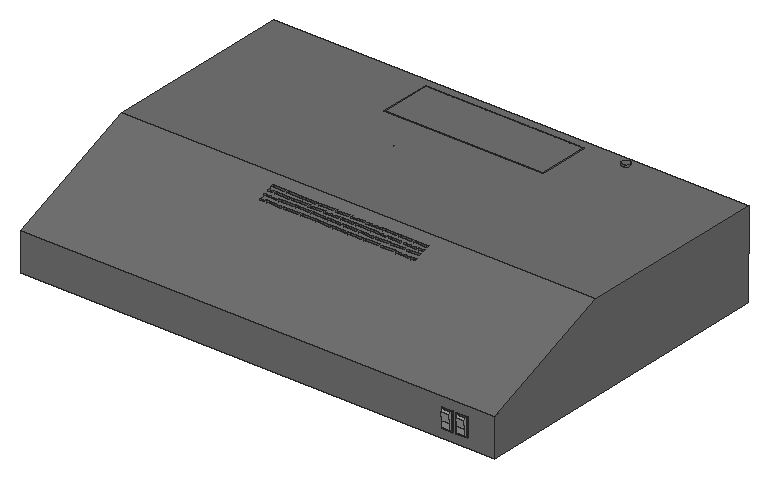
Revit family "Qf_Summit_HC30BB_Under Cabinet Convertible Range Hood", category Specialty Equipment, Revit 2020 (continued)
Lines and regions (in)
  symbolic lines
    curve 97: spline (14.61424, -13.05744, 0) -> (14.59529, -13.05512, 0) -> (14.57764, -13.04831, 0) -> (14.56248, -13.03747, 0) -> (14.55085, -13.02335, 0) -> (14.54353, -13.00691, 0) -> (14.54104, -12.98926, 0) -> (14.54353, -12.97162, 0) -> (14.55085, -12.95517, 0) -> (14.56248, -12.94105, 0) -> (14.57764, -12.93022, 0) -> (14.59529, -12.9234, 0) -> (14.61424, -12.92108, 0)
    curve 98: line (15.02088, -12.63566, 0) -> (15.77358, -12.63566, 0)
    curve 99: spline (15.77358, -12.63566, 0) -> (15.79253, -12.63798, 0) -> (15.81018, -12.6448, 0) -> (15.82534, -12.65563, 0) -> (15.83698, -12.66975, 0) -> (15.84429, -12.6862, 0) -> (15.84678, -12.70384, 0) -> (15.84429, -12.72149, 0) -> (15.83698, -12.73793, 0) -> (15.82534, -12.75205, 0) -> (15.81018, -12.76289, 0) -> (15.79253, -12.7697, 0) -> (15.77358, -12.77202, 0)
    curve 100: line (15.77358, -12.77202, 0) -> (15.02088, -12.77202, 0)
    curve 101: spline (15.02088, -12.77202, 0) -> (15.00193, -12.7697, 0) -> (14.98428, -12.76289, 0) -> (14.96912, -12.75205, 0) -> (14.95748, -12.73793, 0) -> (14.95017, -12.72149, 0) -> (14.94768, -12.70384, 0) -> (14.95017, -12.6862, 0) -> (14.95748, -12.66975, 0) -> (14.96912, -12.65563, 0) -> (14.98428, -12.6448, 0) -> (15.00193, -12.63798, 0) -> (15.02088, -12.63566, 0)
    curve 102: line (15.57204, -12.92108, 0) -> (16.34037, -12.92108, 0)
    curve 103: spline (16.34037, -12.92108, 0) -> (16.35931, -12.9234, 0) -> (16.37697, -12.93022, 0) -> (16.39213, -12.94105, 0) -> (16.40376, -12.95517, 0) -> (16.41107, -12.97162, 0) -> (16.41357, -12.98926, 0) -> (16.41107, -13.00691, 0) -> (16.40376, -13.02335, 0) -> (16.39213, -13.03747, 0) -> (16.37697, -13.04831, 0) -> (16.35931, -13.05512, 0) -> (16.34037, -13.05744, 0)
    curve 104: line (16.34037, -13.05744, 0) -> (15.57204, -13.05744, 0)
    curve 105: spline (15.57204, -13.05744, 0) -> (15.55309, -13.05512, 0) -> (15.53544, -13.04831, 0) -> (15.52028, -13.03747, 0) -> (15.50864, -13.02335, 0) -> (15.50133, -13.00691, 0) -> (15.49884, -12.98926, 0) -> (15.50133, -12.97162, 0) -> (15.50864, -12.95517, 0) -> (15.52028, -12.94105, 0) -> (15.53544, -12.93022, 0) -> (15.55309, -12.9234, 0) -> (15.57204, -12.92108, 0)
    curve 106: line (15.57204, -13.52702, 0) -> (16.34037, -13.52702, 0)
    curve 107: spline (16.34037, -13.52702, 0) -> (16.35931, -13.52934, 0) -> (16.37697, -13.53615, 0) -> (16.39213, -13.54699, 0) -> (16.40376, -13.56111, 0) -> (16.41107, -13.57755, 0) -> (16.41357, -13.5952, 0) -> (16.41107, -13.61285, 0) -> (16.40376, -13.62929, 0) -> (16.39213, -13.64341, 0) -> (16.37697, -13.65425, 0) -> (16.35931, -13.66106, 0) -> (16.34037, -13.66338, 0)
    curve 108: line (16.34037, -13.66338, 0) -> (15.57204, -13.66338, 0)
    curve 109: spline (15.57204, -13.66338, 0) -> (15.55309, -13.66106, 0) -> (15.53544, -13.65425, 0) -> (15.52028, -13.64341, 0) -> (15.50864, -13.62929, 0) -> (15.50133, -13.61285, 0) -> (15.49884, -13.5952, 0) -> (15.50133, -13.57755, 0) -> (15.50864, -13.56111, 0) -> (15.52028, -13.54699, 0) -> (15.53544, -13.53615, 0) -> (15.55309, -13.52934, 0) -> (15.57204, -13.52702, 0)
    curve 110: line (16.85638, -13.35254, 0) -> (15.9943, -13.35254, 0)
    curve 111: spline (15.9943, -13.35254, 0) -> (15.97535, -13.35021, 0) -> (15.9577, -13.3434, 0) -> (15.94254, -13.33257, 0) -> (15.93091, -13.31845, 0) -> (15.92359, -13.302, 0) -> (15.9211, -13.28436, 0) -> (15.92359, -13.26671, 0) -> (15.93091, -13.25027, 0) -> (15.94254, -13.23614, 0) -> (15.9577, -13.22531, 0) -> (15.97535, -13.2185, 0) -> (15.9943, -13.21617, 0)
    curve 112: line (15.9943, -13.21617, 0) -> (16.85638, -13.21617, 0)
    curve 113: spline (16.85638, -13.21617, 0) -> (16.87532, -13.2185, 0) -> (16.89298, -13.22531, 0) -> (16.90814, -13.23614, 0) -> (16.91977, -13.25027, 0) -> (16.92708, -13.26671, 0) -> (16.92958, -13.28436, 0) -> (16.92708, -13.302, 0) -> (16.91977, -13.31845, 0) -> (16.90814, -13.33257, 0) -> (16.89298, -13.3434, 0) -> (16.87532, -13.35021, 0) -> (16.85638, -13.35254, 0)
    curve 114: line (15.9943, -12.63566, 0) -> (16.85638, -12.63566, 0)
    curve 115: spline (16.85638, -12.63566, 0) -> (16.87532, -12.63798, 0) -> (16.89298, -12.6448, 0) -> (16.90814, -12.65563, 0) -> (16.91977, -12.66975, 0) -> (16.92708, -12.6862, 0) -> (16.92958, -12.70384, 0) -> (16.92708, -12.72149, 0) -> (16.91977, -12.73793, 0) -> (16.90814, -12.75205, 0) -> (16.89298, -12.76289, 0) -> (16.87532, -12.7697, 0) -> (16.85638, -12.77202, 0)
    curve 116: line (16.85638, -12.77202, 0) -> (15.9943, -12.77202, 0)
    curve 117: spline (15.9943, -12.77202, 0) -> (15.97535, -12.7697, 0) -> (15.9577, -12.76289, 0) -> (15.94254, -12.75205, 0) -> (15.93091, -12.73793, 0) -> (15.92359, -12.72149, 0) -> (15.9211, -12.70384, 0) -> (15.92359, -12.6862, 0) -> (15.93091, -12.66975, 0) -> (15.94254, -12.65563, 0) -> (15.9577, -12.6448, 0) -> (15.97535, -12.63798, 0) -> (15.9943, -12.63566, 0)
    curve 118: line (16.53611, -12.92108, 0) -> (17.3982, -12.92108, 0)
    curve 119: spline (17.3982, -12.92108, 0) -> (17.41714, -12.9234, 0) -> (17.4348, -12.93022, 0) -> (17.44996, -12.94105, 0) -> (17.46159, -12.95517, 0) -> (17.4689, -12.97162, 0) -> (17.4714, -12.98926, 0) -> (17.4689, -13.00691, 0) -> (17.46159, -13.02335, 0) -> (17.44996, -13.03747, 0) -> (17.4348, -13.04831, 0) -> (17.41714, -13.05512, 0) -> (17.3982, -13.05744, 0)
    curve 120: line (17.3982, -13.05744, 0) -> (16.53611, -13.05744, 0)
    curve 121: spline (16.53611, -13.05744, 0) -> (16.51717, -13.05512, 0) -> (16.49951, -13.04831, 0) -> (16.48435, -13.03747, 0) -> (16.47272, -13.02335, 0) -> (16.46541, -13.00691, 0) -> (16.46292, -12.98926, 0) -> (16.46541, -12.97162, 0) -> (16.47272, -12.95517, 0) -> (16.48435, -12.94105, 0) -> (16.49951, -12.93022, 0) -> (16.51717, -12.9234, 0) -> (16.53611, -12.92108, 0)
    curve 122: line (16.53611, -13.52702, 0) -> (17.3982, -13.52702, 0)
    curve 123: spline (17.3982, -13.52702, 0) -> (17.41714, -13.52934, 0) -> (17.4348, -13.53615, 0) -> (17.44996, -13.54699, 0) -> (17.46159, -13.56111, 0) -> (17.4689, -13.57755, 0) -> (17.4714, -13.5952, 0) -> (17.4689, -13.61285, 0) -> (17.46159, -13.62929, 0) -> (17.44996, -13.64341, 0) -> (17.4348, -13.65425, 0) -> (17.41714, -13.66106, 0) -> (17.3982, -13.66338, 0)
    curve 124: line (17.3982, -13.66338, 0) -> (16.53611, -13.66338, 0)
    curve 125: spline (16.53611, -13.66338, 0) -> (16.51717, -13.66106, 0) -> (16.49951, -13.65425, 0) -> (16.48435, -13.64341, 0) -> (16.47272, -13.62929, 0) -> (16.46541, -13.61285, 0) -> (16.46292, -13.5952, 0) -> (16.46541, -13.57755, 0) -> (16.47272, -13.56111, 0) -> (16.48435, -13.54699, 0) -> (16.49951, -13.53615, 0) -> (16.51717, -13.52934, 0) -> (16.53611, -13.52702, 0)
    curve 126: line (17.05213, -13.21617, 0) -> (17.80483, -13.21617, 0)
    curve 127: spline (17.80483, -13.21617, 0) -> (17.82378, -13.2185, 0) -> (17.84143, -13.22531, 0) -> (17.85659, -13.23614, 0) -> (17.86823, -13.25027, 0) -> (17.87554, -13.26671, 0) -> (17.87803, -13.28436, 0) -> (17.87554, -13.302, 0) -> (17.86823, -13.31845, 0) -> (17.85659, -13.33257, 0) -> (17.84143, -13.3434, 0) -> (17.82378, -13.35021, 0) -> (17.80483, -13.35254, 0)
    curve 128: line (17.80483, -13.35254, 0) -> (17.05213, -13.35254, 0)
    curve 129: spline (17.05213, -13.35254, 0) -> (17.03318, -13.35021, 0) -> (17.01553, -13.3434, 0) -> (17.00037, -13.33257, 0) -> (16.98873, -13.31845, 0) -> (16.98142, -13.302, 0) -> (16.97893, -13.28436, 0) -> (16.98142, -13.26671, 0) -> (16.98873, -13.25027, 0) -> (17.00037, -13.23614, 0) -> (17.01553, -13.22531, 0) -> (17.03318, -13.2185, 0) -> (17.05213, -13.21617, 0)
    curve 130: line (17.80483, -12.77202, 0) -> (17.05213, -12.77202, 0)
    curve 131: spline (17.05213, -12.77202, 0) -> (17.03318, -12.7697, 0) -> (17.01553, -12.76289, 0) -> (17.00037, -12.75205, 0) -> (16.98873, -12.73793, 0) -> (16.98142, -12.72149, 0) -> (16.97893, -12.70384, 0) -> (16.98142, -12.6862, 0) -> (16.98873, -12.66975, 0) -> (17.00037, -12.65563, 0) -> (17.01553, -12.6448, 0) -> (17.03318, -12.63798, 0) -> (17.05213, -12.63566, 0)
    curve 132: line (17.05213, -12.63566, 0) -> (17.80483, -12.63566, 0)
    curve 133: spline (17.80483, -12.63566, 0) -> (17.82378, -12.63798, 0) -> (17.84143, -12.6448, 0) -> (17.85659, -12.65563, 0) -> (17.86823, -12.66975, 0) -> (17.87554, -12.6862, 0) -> (17.87803, -12.70384, 0) -> (17.87554, -12.72149, 0) -> (17.86823, -12.73793, 0) -> (17.85659, -12.75205, 0) -> (17.84143, -12.76289, 0) -> (17.82378, -12.7697, 0) -> (17.80483, -12.77202, 0)
    curve 134: line (18.36695, -13.66338, 0) -> (17.5976, -13.66338, 0)
    curve 135: spline (17.5976, -13.66338, 0) -> (17.57865, -13.66106, 0) -> (17.561, -13.65425, 0) -> (17.54584, -13.64341, 0) -> (17.5342, -13.62929, 0) -> (17.52689, -13.61285, 0) -> (17.5244, -13.5952, 0) -> (17.52689, -13.57755, 0) -> (17.5342, -13.56111, 0) -> (17.54584, -13.54699, 0) -> (17.561, -13.53615, 0) -> (17.57865, -13.52934, 0) -> (17.5976, -13.52702, 0)
    curve 136: line (17.5976, -13.52702, 0) -> (18.36695, -13.52702, 0)
    curve 137: spline (18.36695, -13.52702, 0) -> (18.38589, -13.52934, 0) -> (18.40355, -13.53615, 0) -> (18.41871, -13.54699, 0) -> (18.43034, -13.56111, 0) -> (18.43765, -13.57755, 0) -> (18.44015, -13.5952, 0) -> (18.43765, -13.61285, 0) -> (18.43034, -13.62929, 0) -> (18.41871, -13.64341, 0) -> (18.40355, -13.65425, 0) -> (18.38589, -13.66106, 0) -> (18.36695, -13.66338, 0)
    curve 138: line (18.36695, -13.05744, 0) -> (17.62415, -13.05744, 0)
    curve 139: spline (17.62415, -13.05744, 0) -> (17.6052, -13.05512, 0) -> (17.58755, -13.04831, 0) -> (17.57239, -13.03747, 0) -> (17.56076, -13.02335, 0) -> (17.55344, -13.00691, 0) -> (17.55095, -12.98926, 0) -> (17.55344, -12.97162, 0) -> (17.56076, -12.95517, 0) -> (17.57239, -12.94105, 0) -> (17.58755, -12.93022, 0) -> (17.6052, -12.9234, 0) -> (17.62415, -12.92108, 0)
    curve 140: line (17.62415, -12.92108, 0) -> (18.36695, -12.92108, 0)
    curve 141: spline (18.36695, -12.92108, 0) -> (18.38589, -12.9234, 0) -> (18.40355, -12.93022, 0) -> (18.41871, -12.94105, 0) -> (18.43034, -12.95517, 0) -> (18.43765, -12.97162, 0) -> (18.44015, -12.98926, 0) -> (18.43765, -13.00691, 0) -> (18.43034, -13.02335, 0) -> (18.41871, -13.03747, 0) -> (18.40355, -13.04831, 0) -> (18.38589, -13.05512, 0) -> (18.36695, -13.05744, 0)
    curve 142: line (18.77358, -12.77202, 0) -> (18.02088, -12.77202, 0)
    curve 143: spline (18.02088, -12.77202, 0) -> (18.00193, -12.7697, 0) -> (17.98428, -12.76289, 0) -> (17.96912, -12.75205, 0) -> (17.95748, -12.73793, 0) -> (17.95017, -12.72149, 0) -> (17.94768, -12.70384, 0) -> (17.95017, -12.6862, 0) -> (17.95748, -12.66975, 0) -> (17.96912, -12.65563, 0) -> (17.98428, -12.6448, 0) -> (18.00193, -12.63798, 0) -> (18.02088, -12.63566, 0)
    curve 144: line (18.02088, -12.63566, 0) -> (18.77358, -12.63566, 0)
    curve 145: spline (18.77358, -12.63566, 0) -> (18.79253, -12.63798, 0) -> (18.81018, -12.6448, 0) -> (18.82534, -12.65563, 0) -> (18.83698, -12.66975, 0) -> (18.84429, -12.6862, 0) -> (18.84678, -12.70384, 0) -> (18.84429, -12.72149, 0) -> (18.83698, -12.73793, 0) -> (18.82534, -12.75205, 0) -> (18.81018, -12.76289, 0) -> (18.79253, -12.7697, 0) -> (18.77358, -12.77202, 0)
    curve 146: line (18.02088, -13.21617, 0) -> (18.77358, -13.21617, 0)
    curve 147: spline (18.77358, -13.21617, 0) -> (18.79253, -13.2185, 0) -> (18.81018, -13.22531, 0) -> (18.82534, -13.23614, 0) -> (18.83698, -13.25027, 0) -> (18.84429, -13.26671, 0) -> (18.84678, -13.28436, 0) -> (18.84429, -13.302, 0) -> (18.83698, -13.31845, 0) -> (18.82534, -13.33257, 0) -> (18.81018, -13.3434, 0) -> (18.79253, -13.35021, 0) -> (18.77358, -13.35254, 0)
    curve 148: line (18.77358, -13.35254, 0) -> (18.02088, -13.35254, 0)
    curve 149: spline (18.02088, -13.35254, 0) -> (18.00193, -13.35021, 0) -> (17.98428, -13.3434, 0) -> (17.96912, -13.33257, 0) -> (17.95748, -13.31845, 0) -> (17.95017, -13.302, 0) -> (17.94768, -13.28436, 0) -> (17.95017, -13.26671, 0) -> (17.95748, -13.25027, 0) -> (17.96912, -13.23614, 0) -> (17.98428, -13.22531, 0) -> (18.00193, -13.2185, 0) -> (18.02088, -13.21617, 0)
    curve 150: line (19.34037, -13.66338, 0) -> (18.57204, -13.66338, 0)
    curve 151: spline (18.57204, -13.66338, 0) -> (18.55309, -13.66106, 0) -> (18.53544, -13.65425, 0) -> (18.52028, -13.64341, 0) -> (18.50864, -13.62929, 0) -> (18.50133, -13.61285, 0) -> (18.49884, -13.5952, 0) -> (18.50133, -13.57755, 0) -> (18.50864, -13.56111, 0) -> (18.52028, -13.54699, 0) -> (18.53544, -13.53615, 0) -> (18.55309, -13.52934, 0) -> (18.57204, -13.52702, 0)
    curve 152: line (18.57204, -13.52702, 0) -> (19.34037, -13.52702, 0)
    curve 153: spline (19.34037, -13.52702, 0) -> (19.35931, -13.52934, 0) -> (19.37697, -13.53615, 0) -> (19.39213, -13.54699, 0) -> (19.40376, -13.56111, 0) -> (19.41107, -13.57755, 0) -> (19.41357, -13.5952, 0) -> (19.41107, -13.61285, 0) -> (19.40376, -13.62929, 0) -> (19.39213, -13.64341, 0) -> (19.37697, -13.65425, 0) -> (19.35931, -13.66106, 0) -> (19.34037, -13.66338, 0)
    curve 154: line (19.34037, -13.05744, 0) -> (18.57204, -13.05744, 0)
    curve 155: spline (18.57204, -13.05744, 0) -> (18.55309, -13.05512, 0) -> (18.53544, -13.04831, 0) -> (18.52028, -13.03747, 0) -> (18.50864, -13.02335, 0) -> (18.50133, -13.00691, 0) -> (18.49884, -12.98926, 0) -> (18.50133, -12.97162, 0) -> (18.50864, -12.95517, 0) -> (18.52028, -12.94105, 0) -> (18.53544, -12.93022, 0) -> (18.55309, -12.9234, 0) -> (18.57204, -12.92108, 0)
    curve 156: line (18.57204, -12.92108, 0) -> (19.34037, -12.92108, 0)
    curve 157: spline (19.34037, -12.92108, 0) -> (19.35931, -12.9234, 0) -> (19.37697, -12.93022, 0) -> (19.39213, -12.94105, 0) -> (19.40376, -12.95517, 0) -> (19.41107, -12.97162, 0) -> (19.41357, -12.98926, 0) -> (19.41107, -13.00691, 0) -> (19.40376, -13.02335, 0) -> (19.39213, -13.03747, 0) -> (19.37697, -13.04831, 0) -> (19.35931, -13.05512, 0) -> (19.34037, -13.05744, 0)
    curve 158: line (19.74233, -12.77202, 0) -> (18.98963, -12.77202, 0)
    curve 159: spline (18.98963, -12.77202, 0) -> (18.97068, -12.7697, 0) -> (18.95303, -12.76289, 0) -> (18.93787, -12.75205, 0) -> (18.92623, -12.73793, 0) -> (18.91892, -12.72149, 0) -> (18.91643, -12.70384, 0) -> (18.91892, -12.6862, 0) -> (18.92623, -12.66975, 0) -> (18.93787, -12.65563, 0) -> (18.95303, -12.6448, 0) -> (18.97068, -12.63798, 0) -> (18.98963, -12.63566, 0)
    curve 160: line (18.98963, -12.63566, 0) -> (19.74233, -12.63566, 0)
    curve 161: spline (19.74233, -12.63566, 0) -> (19.76128, -12.63798, 0) -> (19.77893, -12.6448, 0) -> (19.79409, -12.65563, 0) -> (19.80573, -12.66975, 0) -> (19.81304, -12.6862, 0) -> (19.81553, -12.70384, 0) -> (19.81304, -12.72149, 0) -> (19.80573, -12.73793, 0) -> (19.79409, -12.75205, 0) -> (19.77893, -12.76289, 0) -> (19.76128, -12.7697, 0) -> (19.74233, -12.77202, 0)
    curve 162: line (18.98963, -13.21617, 0) -> (19.74233, -13.21617, 0)
    curve 163: spline (19.74233, -13.21617, 0) -> (19.76128, -13.2185, 0) -> (19.77893, -13.22531, 0) -> (19.79409, -13.23614, 0) -> (19.80573, -13.25027, 0) -> (19.81304, -13.26671, 0) -> (19.81553, -13.28436, 0) -> (19.81304, -13.302, 0) -> (19.80573, -13.31845, 0) -> (19.79409, -13.33257, 0) -> (19.77893, -13.3434, 0) -> (19.76128, -13.35021, 0) -> (19.74233, -13.35254, 0)
    curve 164: line (19.74233, -13.35254, 0) -> (18.98963, -13.35254, 0)
    curve 165: spline (18.98963, -13.35254, 0) -> (18.97068, -13.35021, 0) -> (18.95303, -13.3434, 0) -> (18.93787, -13.33257, 0) -> (18.92623, -13.31845, 0) -> (18.91892, -13.302, 0) -> (18.91643, -13.28436, 0) -> (18.91892, -13.26671, 0) -> (18.92623, -13.25027, 0) -> (18.93787, -13.23614, 0) -> (18.95303, -13.22531, 0) -> (18.97068, -13.2185, 0) -> (18.98963, -13.21617, 0)
    curve 166: line (19.54326, -13.52702, 0) -> (19.74909, -13.52702, 0)
    curve 167: spline (19.74909, -13.52702, 0) -> (19.76804, -13.52934, 0) -> (19.78569, -13.53615, 0) -> (19.80085, -13.54699, 0) -> (19.81248, -13.56111, 0) -> (19.8198, -13.57755, 0) -> (19.82229, -13.5952, 0) -> (19.8198, -13.61285, 0) -> (19.81248, -13.62929, 0) -> (19.80085, -13.64341, 0) -> (19.78569, -13.65425, 0) -> (19.76804, -13.66106, 0) -> (19.74909, -13.66338, 0)
    curve 168: line (19.74909, -13.66338, 0) -> (19.54326, -13.66338, 0)
    curve 169: spline (19.54326, -13.66338, 0) -> (19.52432, -13.66106, 0) -> (19.50666, -13.65425, 0) -> (19.4915, -13.64341, 0) -> (19.47987, -13.62929, 0) -> (19.47256, -13.61285, 0) -> (19.47006, -13.5952, 0) -> (19.47256, -13.57755, 0) -> (19.47987, -13.56111, 0) -> (19.4915, -13.54699, 0) -> (19.50666, -13.53615, 0) -> (19.52432, -13.52934, 0) -> (19.54326, -13.52702, 0)
    curve 170: line (19.74909, -13.05744, 0) -> (19.54326, -13.05744, 0)
    curve 171: spline (19.54326, -13.05744, 0) -> (19.52432, -13.05512, 0) -> (19.50666, -13.04831, 0) -> (19.4915, -13.03747, 0) -> (19.47987, -13.02335, 0) -> (19.47256, -13.00691, 0) -> (19.47006, -12.98926, 0) -> (19.47256, -12.97162, 0) -> (19.47987, -12.95517, 0) -> (19.4915, -12.94105, 0) -> (19.50666, -12.93022, 0) -> (19.52432, -12.9234, 0) -> (19.54326, -12.92108, 0)
    curve 172: line (19.54326, -12.92108, 0) -> (19.74909, -12.92108, 0)
    curve 173: spline (19.74909, -12.92108, 0) -> (19.76804, -12.9234, 0) -> (19.78569, -12.93022, 0) -> (19.80085, -12.94105, 0) -> (19.81248, -12.95517, 0) -> (19.8198, -12.97162, 0) -> (19.82229, -12.98926, 0) -> (19.8198, -13.00691, 0) -> (19.81248, -13.02335, 0) -> (19.80085, -13.03747, 0) -> (19.78569, -13.04831, 0) -> (19.76804, -13.05512, 0) -> (19.74909, -13.05744, 0)
Dimensions and locks (in)
  equal spacing: plane 3 "LEFT", plane 7 "Center Y", plane 4 "RIGHT"
  "Length": plane 3 "LEFT" to plane 4 "RIGHT"
  equal spacing: plane 5 "FRONT", plane 8 "Center X", plane 1 "BACK"
  "Depth": plane 5 "FRONT" to plane 1 "BACK"
  "Height": plane 6 "TOP" to level
  plane 9 to level = 2 3/8"
  plane 10 to plane 1 "BACK" = 12"
  plane 11 to plane 12 = 11 1/4"
  locked: plane 7 "Center Y" to plane 13 at 7.625
  plane 5 "FRONT" to plane 14 = 6"
  locked: plane 3 "LEFT" to plane 15 at 1.5
  locked: plane 16 to plane 4 "RIGHT" at 1.5
  plane 19 to plane 1 "BACK" = 1/2"
  plane 20 to plane 19 = 3 1/4"
  plane 22 to plane 23 = 10"
  Extrusion 7 sketch curve to Extrusion 7 sketch curve to plane 7 "Center Y" to Extrusion 7 sketch curve to Extrusion 7 sketch curve = 1/4" locked, 5 3/8" locked, 5 3/8" locked, 1/4" locked
  plane 11 to plane 22 to plane 7 "Center Y" to plane 23 to plane 12 = 5/8" locked, 5" locked, 5" locked, 5/8" locked
  plane 1 "BACK" to plane 10 = 12"
  Extrusion 12 sketch curve to Extrusion 12 sketch curve to Extrusion 12 sketch curve to Extrusion 12 sketch curve to plane 16 = 0.70845" locked, 0.22905" locked, 0.70845" locked, 0.1628" locked
  aligned and locked: level to plane 2
  aligned and locked: Extrusion 2 to plane 4 "RIGHT"
  aligned and locked: plane 15 to Extrusion 1
  aligned and locked: plane 16 to Extrusion 3
  aligned and locked: Extrusion 3 to plane 4 "RIGHT"
  aligned and locked: Extrusion 2 to Extrusion 4
  aligned and locked: Extrusion 6 to Extrusion 5
  aligned and locked: cut or joined group 1 (Extrusion 1, Extrusion 2, Extrusion 3, Extrusion 4, Extrusion 5, Extrusion 6, Extrusion 7, Extrusion 8, Extrusion 9) to Extrusion 10
  aligned and locked: Extrusion 11 to plane 6 "TOP"
  aligned and locked: Extrusion 10 sketch curve to plane 23
  aligned and locked: Extrusion 10 sketch curve to plane 22
  aligned and locked: plane 11 to Extrusion 8
  aligned and locked: plane 12 to Extrusion 8
  aligned and locked: plane 26 to plane 7 "Center Y"
Automatic sketch dimensions
  Extrusion 4 sketch curve to Extrusion 4 sketch curve = 0"  (x27)
  Extrusion 4 sketch curve to Extrusion 4 sketch curve = 0.0732"  (x42)
  Extrusion 4 sketch curve to Extrusion 4 sketch curve = 0.16003"  (x6)
  Extrusion 4 sketch curve to Extrusion 4 sketch curve = 0.17041"  (x5)
  Extrusion 4 sketch curve to Extrusion 4 sketch curve = 0.18732"  (x4)
  Extrusion 4 sketch curve to Extrusion 4 sketch curve = 0.00281"
  Extrusion 4 sketch curve to Extrusion 4 sketch curve = 0.00676"  (x2)
  Extrusion 4 sketch curve to Extrusion 4 sketch curve = 0.20583"  (x2)
  Extrusion 4 sketch curve to Extrusion 4 sketch curve = 0.20289"  (x2)
  Extrusion 4 sketch curve to Extrusion 4 sketch curve = 0.35074"  (x2)
  Extrusion 4 sketch curve to Extrusion 4 sketch curve = 0.21604"  (x8)
  Extrusion 4 sketch curve to Extrusion 4 sketch curve = 0.20155"  (x6)
  Extrusion 4 sketch curve to Extrusion 4 sketch curve = 0.20509"  (x6)
  Extrusion 4 sketch curve to Extrusion 4 sketch curve = 0.34607"  (x16)
  Extrusion 4 sketch curve to Extrusion 4 sketch curve = 0.18068"
  Extrusion 4 sketch curve to Extrusion 4 sketch curve = 0.20724"
  Extrusion 4 sketch curve to Extrusion 4 sketch curve = 0.22595"
  Extrusion 4 sketch curve to Extrusion 4 sketch curve = 0.1994"
  Extrusion 4 sketch curve to Extrusion 4 sketch curve = 0.19575"  (x12)
  Extrusion 4 sketch curve to Extrusion 4 sketch curve = 0.32027"  (x6)
  Extrusion 4 sketch curve to Extrusion 4 sketch curve = 0.22071"  (x4)
  Extrusion 4 sketch curve to Extrusion 4 sketch curve = 0.19059"  (x2)
  Extrusion 4 sketch curve to Extrusion 4 sketch curve = 51/256"  (x2)
  Extrusion 4 sketch curve to Extrusion 4 sketch curve = 0.31679"  (x2)
  Extrusion 4 sketch curve to Extrusion 4 sketch curve = 0.20664"  (x2)
  Extrusion 4 sketch curve to Extrusion 4 sketch curve = 0.22927"  (x2)
  Extrusion 4 sketch curve to Extrusion 4 sketch curve = 0.30642"
  Extrusion 14 sketch curve to Extrusion 14 sketch curve = 0"  (x27)
  Extrusion 14 sketch curve to Extrusion 14 sketch curve = 0.0732"  (x42)
  Extrusion 14 sketch curve to Extrusion 14 sketch curve = 0.16003"  (x6)
  Extrusion 14 sketch curve to Extrusion 14 sketch curve = 0.17041"  (x5)
  Extrusion 14 sketch curve to Extrusion 14 sketch curve = 0.18732"  (x4)
  Extrusion 14 sketch curve to Extrusion 14 sketch curve = 0.00281"
  Extrusion 14 sketch curve to Extrusion 14 sketch curve = 0.00676"  (x2)
  Extrusion 14 sketch curve to Extrusion 14 sketch curve = 0.20583"  (x2)
  Extrusion 14 sketch curve to Extrusion 14 sketch curve = 0.20289"  (x2)
  Extrusion 14 sketch curve to Extrusion 14 sketch curve = 0.35074"  (x2)
  Extrusion 14 sketch curve to Extrusion 14 sketch curve = 0.21604"  (x8)
  Extrusion 14 sketch curve to Extrusion 14 sketch curve = 0.20155"  (x6)
  Extrusion 14 sketch curve to Extrusion 14 sketch curve = 0.20509"  (x6)
  Extrusion 14 sketch curve to Extrusion 14 sketch curve = 0.34607"  (x16)
  Extrusion 14 sketch curve to Extrusion 14 sketch curve = 0.18068"
  Extrusion 14 sketch curve to Extrusion 14 sketch curve = 0.20724"
  Extrusion 14 sketch curve to Extrusion 14 sketch curve = 0.22595"
  Extrusion 14 sketch curve to Extrusion 14 sketch curve = 0.1994"
  Extrusion 14 sketch curve to Extrusion 14 sketch curve = 0.19575"  (x12)
  Extrusion 14 sketch curve to Extrusion 14 sketch curve = 0.32027"  (x6)
  Extrusion 14 sketch curve to Extrusion 14 sketch curve = 0.22071"  (x4)
  Extrusion 14 sketch curve to Extrusion 14 sketch curve = 0.19059"  (x2)
  Extrusion 14 sketch curve to Extrusion 14 sketch curve = 51/256"  (x2)
  Extrusion 14 sketch curve to Extrusion 14 sketch curve = 0.31679"  (x2)
  Extrusion 14 sketch curve to Extrusion 14 sketch curve = 0.20664"  (x2)
  Extrusion 14 sketch curve to Extrusion 14 sketch curve = 0.22927"  (x2)
  Extrusion 14 sketch curve to Extrusion 14 sketch curve = 0.30642"
  plane 1 "BACK" to curve 1 = 0"
  curve 1 to plane 3 "LEFT" = 0"
  curve 4 to plane 4 "RIGHT" = 0"
  plane 5 "FRONT" to curve 1 = 0"
  curve 2 to plane 10 = 0"
  curve 6 to plane 22 = 0.07362"
  curve 16 to plane 22 = 0.07362"
  curve 21 to plane 22 = 0.07362"
  curve 13 to plane 22 = 0.07362"
  curve 13 to curve 13 = 0.22927"
  curve 19 to curve 19 = 0.22927"
  curve 21 to curve 22 = 0.20664"
  curve 13 to curve 28 = 0.20664"
  curve 26 to curve 14 = 0.31679"
  curve 27 to curve 6 = 0.31679"
  curve 6 to curve 32 = 51/256"
  curve 14 to curve 38 = 51/256"
  curve 30 to curve 28 = 0.34607"
  curve 40 to curve 24 = 0.34607"
  curve 28 to curve 34 = 0.19575"
  curve 22 to curve 42 = 0.19575"
  curve 37 to curve 30 = 0.32027"
  curve 36 to curve 38 = 0.32027"
  curve 32 to curve 52 = 0.19575"
  curve 38 to curve 46 = 0.19575"
  curve 48 to curve 42 = 0.34607"
  curve 46 to curve 36 = 0.34607"
  curve 35 to curve 58 = 0.20509"
  curve 42 to curve 54 = 0.20509"
  curve 59 to curve 52 = 0.20155"
  curve 58 to curve 46 = 0.20155"
  curve 50 to curve 62 = 0.22071"
  curve 46 to curve 66 = 0.22071"
  curve 63 to curve 60 = 0.34607"
  curve 68 to curve 54 = 0.34607"
  curve 60 to curve 70 = 0.19575"
  curve 54 to curve 82 = 0.19575"
  curve 72 to curve 66 = 0.32027"
  curve 70 to curve 62 = 0.32027"
  curve 66 to curve 78 = 0.19575"
  curve 64 to curve 76 = 0.19575"
  curve 80 to curve 82 = 0.34607"
  curve 74 to curve 70 = 0.34607"
  curve 84 to curve 88 = 0.21604"
  curve 72 to curve 96 = 0.21604"
  curve 78 to plane 7 "Center Y" = 0.13267"
  curve 74 to plane 7 "Center Y" = 0.13267"
  plane 7 "Center Y" to curve 92 = 0.08338"
  plane 7 "Center Y" to curve 100 = 0.08338"
  curve 93 to curve 86 = 0.34607"
  curve 101 to curve 94 = 0.34607"
  curve 87 to curve 108 = 0.20509"
  curve 95 to curve 102 = 0.20509"
  curve 105 to curve 90 = 0.20155"
  curve 105 to curve 100 = 0.20155"
  curve 92 to curve 110 = 0.22071"
  curve 98 to curve 114 = 0.22071"
  curve 110 to curve 106 = 0.34607"
  curve 116 to curve 102 = 0.34607"
  curve 104 to curve 120 = 0.19575"
  curve 106 to curve 122 = 0.19575"
  curve 121 to curve 116 = 0.32027"
  curve 125 to curve 110 = 0.32027"
  curve 115 to curve 130 = 0.19575"
  curve 113 to curve 126 = 0.19575"
  curve 128 to curve 122 = 0.34607"
  curve 129 to curve 120 = 0.34607"
  curve 122 to curve 136 = 0.1994"
  curve 119 to curve 138 = 0.22595"
  curve 140 to curve 130 = 0.18068"
  curve 138 to curve 126 = 0.18068"
  curve 130 to curve 142 = 0.21604"
  curve 127 to curve 146 = 0.21604"
  curve 142 to curve 140 = 0.34607"
  curve 148 to curve 134 = 0.34607"
  curve 134 to curve 150 = 0.20509"
  curve 138 to curve 154 = 0.20509"
  curve 154 to curve 146 = 0.20155"
  curve 155 to curve 142 = 0.20155"
  curve 147 to curve 164 = 0.21604"
  curve 144 to curve 160 = 0.21604"
  curve 159 to curve 156 = 0.35074"
  curve 165 to curve 152 = 0.35074"
  curve 154 to curve 170 = 0.20289"
  curve 150 to curve 168 = 0.20289"
  curve 158 to plane 23 = 0.19517"
  curve 164 to plane 23 = 0.19517"
  curve 168 to plane 23 = 0.18841"
  curve 162 to curve 170 = 0.00676"
  plane 14 to curve 19 = 0.334"
  plane 14 to curve 88 = 0.33662"
  plane 14 to curve 168 = 0.33662"
  plane 14 to curve 84 = 0.33662"
  plane 14 to curve 124 = 0.33662"
  curve 87 to curve 108 = 0"
  plane 14 to curve 134 = 0.33662"
  plane 14 to curve 56 = 0.33662"
  plane 14 to curve 44 = 0.33662"
  curve 150 to curve 169 = 0"
  curve 19 to curve 24 = 0.00261"
  curve 19 to curve 21 = 0.13636"
  curve 108 to curve 106 = 0.13636"
  curve 24 to curve 22 = 0.13636"
  curve 150 to curve 152 = 0.13636"
  curve 55 to curve 54 = 0.13636"
  curve 134 to curve 136 = 0.13636"
  curve 123 to curve 122 = 0.13636"
  curve 44 to curve 42 = 0.13636"
  curve 84 to curve 82 = 0.13636"
  curve 87 to curve 86 = 0.13636"
  curve 167 to curve 166 = 0.13636"
  curve 54 to curve 48 = 0.17448"
  curve 22 to curve 16 = 0.17448"
  curve 83 to curve 80 = 0.24266"
  curve 106 to curve 92 = 0.17448"
  curve 15 to curve 40 = 0"
  curve 47 to curve 68 = 0"
  curve 166 to curve 164 = 0.17448"
  curve 92 to curve 110 = 0"
  curve 148 to curve 164 = 0"
  curve 128 to curve 149 = 0"
  curve 40 to curve 38 = 0.13636"
  curve 110 to curve 112 = 0.13636"
  curve 80 to curve 78 = 0.13636"
  curve 127 to curve 126 = 0.13636"
  curve 148 to curve 146 = 0.13636"
  curve 68 to curve 66 = 0.13636"
  curve 91 to curve 90 = 0.13636"
  curve 164 to curve 162 = 0.13636"
  curve 47 to curve 46 = 0.13636"
  curve 16 to curve 14 = 0.13636"
  curve 165 to curve 154 = 0.15873"
  curve 14 to curve 11 = 0.15873"
  curve 66 to curve 58 = 0.15873"
  curve 38 to curve 26 = 0.15873"
  curve 81 to curve 72 = 0.15873"
  curve 138 to curve 155 = 0"
  curve 93 to curve 96 = 0.15873"
  curve 120 to curve 138 = 0"
  curve 162 to curve 170 = 0.15873"
  curve 29 to curve 36 = 0"
  curve 95 to curve 104 = 0"
  curve 10 to curve 13 = 0.13636"
  curve 120 to curve 118 = 0.13636"
  curve 103 to curve 102 = 0.13636"
  curve 138 to curve 140 = 0.13636"
  curve 35 to curve 34 = 0.13636"
  curve 71 to curve 70 = 0.13636"
  curve 170 to curve 172 = 0.13636"
  curve 58 to curve 60 = 0.13636"
  curve 154 to curve 156 = 0.13636"
  curve 96 to curve 94 = 0.13636"
  curve 26 to curve 28 = 0.13636"
  curve 119 to curve 130 = 0.21724"
  curve 73 to curve 62 = 0.14906"
  curve 172 to curve 158 = 0.14906"
  curve 37 to curve 30 = 0.14906"
  curve 8 to curve 30 = 0"
  curve 105 to curve 100 = 0.14906"
  curve 74 to curve 100 = 0"
  curve 142 to curve 158 = 0"
  curve 116 to curve 130 = 0"
  curve 50 to curve 62 = 0"
  curve 62 to curve 64 = 0.13636"
  curve 158 to curve 160 = 0.13636"
  curve 131 to curve 132 = 0.13636"
  curve 115 to curve 114 = 0.13636"
  curve 74 to curve 76 = 0.13636"
  curve 30 to curve 32 = 0.13636"
  curve 50 to curve 52 = 0.13636"
  curve 7 to curve 6 = 0.13636"
  curve 142 to curve 144 = 0.13636"
  curve 100 to curve 98 = 0.13636"
  curve 17 to plane 22 = 0.00042"
  curve 9 to plane 22 = 0.00042"
  curve 12 to plane 22 = 0.00042"
  curve 20 to plane 22 = 0.00042"
  curve 10 to curve 10 = 0.0732"
  curve 18 to curve 18 = 0.0732"
  curve 27 to curve 27 = 0.0732"
  curve 25 to curve 25 = 0.0732"
  curve 15 to curve 15 = 0.0732"
  curve 7 to curve 7 = 0.0732"
  curve 31 to curve 31 = 0.0732"
  curve 41 to curve 41 = 0.0732"
  curve 23 to curve 23 = 0.0732"
  curve 29 to curve 29 = 0.0732"
  curve 37 to curve 37 = 0.0732"
  curve 45 to curve 45 = 0.0732"
  curve 33 to curve 33 = 0.0732"
  curve 39 to curve 39 = 0.0732"
  curve 49 to curve 49 = 0.0732"
  curve 51 to curve 51 = 0.0732"
  curve 43 to curve 43 = 0.0732"
  curve 35 to curve 35 = 0.0732"
  curve 57 to curve 57 = 0.0732"
  curve 59 to curve 59 = 0.0732"
  curve 47 to curve 47 = 0.0732"
  curve 53 to curve 53 = 0.0732"
  curve 63 to curve 63 = 0.0732"
  curve 69 to curve 69 = 0.0732"
  curve 55 to curve 55 = 0.0732"
  curve 61 to curve 61 = 0.0732"
  curve 73 to curve 73 = 0.0732"
  curve 85 to curve 85 = 0.0732"
  curve 67 to curve 67 = 0.0732"
  curve 65 to curve 65 = 0.0732"
  curve 81 to curve 81 = 0.0732"
  curve 75 to curve 75 = 0.0732"
  curve 71 to curve 71 = 0.0732"
  curve 83 to curve 83 = 0.0732"
  curve 97 to curve 97 = 0.0732"
  curve 89 to curve 89 = 0.0732"
  curve 79 to curve 79 = 0.0732"
  curve 77 to curve 77 = 0.0732"
  plane 7 "Center Y" to curve 93 = 0.01018"
  plane 7 "Center Y" to curve 101 = 0.01018"
  curve 87 to curve 87 = 0.0732"
  curve 95 to curve 95 = 0.0732"
  curve 109 to curve 109 = 0.0732"
  curve 105 to curve 105 = 0.0732"
  curve 91 to curve 91 = 0.0732"
  curve 99 to curve 99 = 0.0732"
  curve 111 to curve 111 = 0.0732"
  curve 117 to curve 117 = 0.0732"
  curve 107 to curve 107 = 0.0732"
  curve 103 to curve 103 = 0.0732"
  curve 121 to curve 121 = 0.0732"
  curve 125 to curve 125 = 0.0732"
  curve 113 to curve 113 = 0.0732"
  curve 115 to curve 115 = 0.0732"
  curve 129 to curve 129 = 0.0732"
  curve 131 to curve 131 = 0.0732"
  curve 123 to curve 123 = 0.0732"
  curve 119 to curve 119 = 0.0732"
  curve 135 to curve 135 = 0.0732"
  curve 139 to curve 139 = 0.0732"
  curve 133 to curve 133 = 0.0732"
  curve 127 to curve 127 = 0.0732"
  curve 143 to curve 143 = 0.0732"
  curve 149 to curve 149 = 0.0732"
  curve 137 to curve 137 = 0.0732"
  curve 141 to curve 141 = 0.0732"
  curve 151 to curve 151 = 0.0732"
  curve 155 to curve 155 = 0.0732"
  curve 147 to curve 147 = 0.0732"
  curve 145 to curve 145 = 0.0732"
  curve 165 to curve 165 = 0.0732"
  curve 159 to curve 159 = 0.0732"
  curve 157 to curve 157 = 0.0732"
  curve 153 to curve 153 = 0.0732"
  curve 169 to curve 169 = 0.0732"
  curve 171 to curve 171 = 0.0732"
  curve 161 to curve 161 = 0.0732"
  curve 163 to curve 163 = 0.0732"
  curve 173 to curve 173 = 0.0732"
  curve 167 to curve 167 = 0.0732"
  Extrusion 1 sketch curve to plane 5 "FRONT" = 0"
  Extrusion 1 sketch curve to plane 6 "TOP" = 0"
  Extrusion 1 sketch curve to plane 10 = 0"
  Extrusion 1 sketch curve to level = 0"
  Extrusion 1 sketch curve to plane 1 "BACK" = 0"
  Extrusion 1 sketch curve to plane 9 = 0"
  Extrusion 2 sketch curve to level = 0"  (x2)
  Extrusion 2 sketch curve to plane 5 "FRONT" = 0"
  Extrusion 2 sketch curve to plane 14 = 0"
  Extrusion 2 sketch curve to plane 6 "TOP" = 0"
  Extrusion 2 sketch curve to plane 10 = 0"
  Extrusion 2 sketch curve to plane 19 = 0"
  Extrusion 2 sketch curve to plane 1 "BACK" = 0"
  Extrusion 2 sketch curve to plane 9 = 0"
  Extrusion 2 sketch curve to plane 6 "TOP" = 0.07428"
  Extrusion 2 sketch curve to plane 8 "Center X" = 0.81598"
  Extrusion 2 sketch curve to plane 6 "TOP" = 1.31804"
  Extrusion 3 sketch curve to plane 5 "FRONT" = 0"
  Extrusion 3 sketch curve to plane 6 "TOP" = 0"
  Extrusion 3 sketch curve to plane 10 = 0"
  Extrusion 3 sketch curve to level = 0"
  Extrusion 3 sketch curve to plane 1 "BACK" = 0"
  Extrusion 3 sketch curve to plane 9 = 0"
  plane 20 to Extrusion 5 sketch curve = 0"
  Extrusion 5 sketch curve to plane 7 "Center Y" = 0"
  Extrusion 5 sketch curve to plane 22 = 1 1/2"
  plane 20 to Extrusion 6 sketch curve = 0"
  Extrusion 6 sketch curve to plane 22 = 0"
  Extrusion 6 sketch curve to plane 23 = 0"
  plane 19 to Extrusion 6 sketch curve = 0"
  Extrusion 6 sketch curve to plane 22 = 1/4"
  Extrusion 6 sketch curve to plane 23 = 1/4"
  Extrusion 6 sketch curve to plane 20 = 1/4"
  plane 19 to Extrusion 6 sketch curve = 1/4"
  Extrusion 7 sketch curve to plane 14 = 0"
  plane 19 to Extrusion 7 sketch curve = 0"
  plane 14 to Extrusion 7 sketch curve = 1/4"
  plane 19 to Extrusion 7 sketch curve = 1/4"
  Extrusion 8 sketch curve to Extrusion 2 = 0"  (x4)
  Extrusion 2 to Extrusion 8 sketch curve = 0.15581"
  Extrusion 8 sketch curve to Extrusion 2 = 0.08943"
  Extrusion 9 sketch curve to Extrusion 6 = 0"  (x4)
  Extrusion 1 to Extrusion 10 sketch curve = 3 3/4"
  Extrusion 1 to Extrusion 10 sketch curve = 1/2"
  Extrusion 11 sketch curve to plane 13 = 0"
  plane 19 to Extrusion 11 sketch curve = 0"
  Extrusion 12 sketch curve to Extrusion 1 = 19/32"  (x2)
  Extrusion 1 to Extrusion 12 sketch curve = 19/32"  (x2)
  plane 5 "FRONT" to Extrusion 13 sketch curve = 0.22258"
  plane 5 "FRONT" to Extrusion 13 sketch curve = 0.09635"
  plane 5 "FRONT" to Extrusion 13 sketch curve = 0.04539"
  level to Extrusion 13 sketch curve = 0.69669"
  Extrusion 13 sketch curve to Extrusion 13 sketch curve = 0.38074"
  Extrusion 13 sketch curve to Extrusion 13 sketch curve = 0.54678"
  Extrusion 13 sketch curve to Extrusion 13 sketch curve = 0.08263"
  plane 5 "FRONT" to Extrusion 15 sketch curve = 0.22258"
  plane 5 "FRONT" to Extrusion 15 sketch curve = 0.09635"
  plane 5 "FRONT" to Extrusion 15 sketch curve = 0.04539"
  level to Extrusion 15 sketch curve = 0.69669"
  Extrusion 15 sketch curve to Extrusion 15 sketch curve = 0.38074"
  Extrusion 15 sketch curve to Extrusion 15 sketch curve = 0.54678"
  Extrusion 15 sketch curve to Extrusion 15 sketch curve = 0.08263"
  radius of Extrusion 11 sketch curve = 1/4"
Connectors (in)
  electrical at (22.5625, -0.5, 5.57173), driven by "Volts", driven by "Apparent Power"
    settings: on Extrusion 11, index 2, voltage 115 V, apparent load 195.5 VA, apparent load phase1 0 VA, apparent load phase2 0 VA, apparent load phase3 0 VA, power factor 1, load classification "Other", number of poles 1, system type 30, power factor state 1, is connector primary yes, connector utility no, sub classification motor no, connector description "Electrical Inlet"
  hvac at (14.9375, -2.125, 5.5)
    settings: on cut or joined group 1, index 3, duct flow 0 CFM, flow factor 0, pres drop 0.00 in-wg, loss coef 0, conn angle 0.00°, conn width 10", conn height 3 1/4", conn diameter 24", duct sys type 3, conn prof type 1, flow config 0, flow direction 0, loss method 0, conn ref index -1, conn util no, is conn primary yes, conn desc ""
